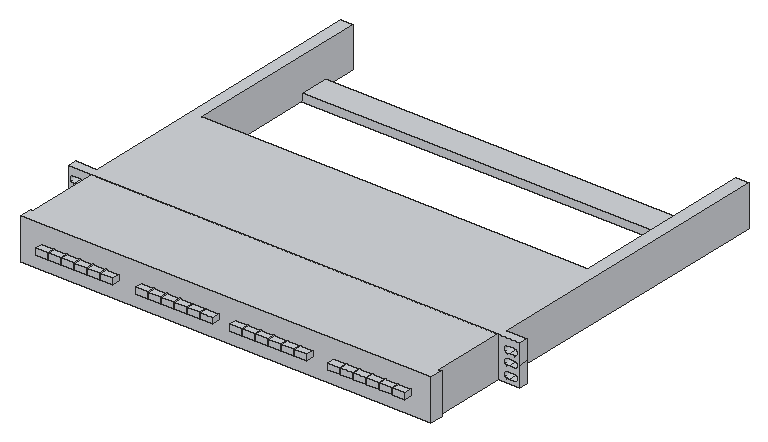
Revit family
Parameters
  Material ID = "760038521"
  Description = "iPatch® TeraSPEED® Pre-Terminated Intelligent Fiber Shelf, SC 12 port duplex"
Reference planes (in)
  plane 1 "Center (Front/Back)": y = 0
  plane 2: z = 0
  plane 3 "Center (Left/Right)": x = 0
Forms (in)
  Extrusion 1, solid
    sketch origin (0, 0, 0) x (1, 0, 0) y (0, 0, 1)
      loop
        line (-9.5, 0.86) -> (-9.5, 0) -> (-9.5, -0.86) -> (9.5, -0.86) -> (9.5, 0) -> (9.5, 0.86) -> (-9.5, 0.86)
    from 9.0351 to 14.305
  Extrusion 2, void
    sketch origin (0, 0, 0) x (1, 0, 0) y (0, 0, 1)
      loop
        line (8.121, 0.86) -> (8.121, -0.86) -> (11.47298, -0.86) -> (11.47298, 0.86) -> (8.121, 0.86)
      loop
        line (-11.48018, 0.86) -> (-11.48018, -0.86) -> (-8.121, -0.86) -> (-8.121, 0.86) -> (-11.48018, 0.86)
    from 0 to 13.93651
  Extrusion 3, void
    sketch origin (0, 0, 0) x (1, 0, 0) y (0, 0, 1)
      loop
        line (9.26111, 0.5628) -> (9.01111, 0.5628)
        arc (9.01111, 0.5628) -> (8.86111, 0.4128) -> (9.01111, 0.2628) r 0.15
        line (9.01111, 0.2628) -> (9.26111, 0.2628)
        arc (9.26111, 0.2628) -> (9.41111, 0.4128) -> (9.26111, 0.5628) r 0.15
      loop
        line (9.26111, 0.10167) -> (9.01111, 0.10167)
        arc (9.01111, 0.10167) -> (8.86111, -0.04833) -> (9.01111, -0.19833) r 0.15
        line (9.01111, -0.19833) -> (9.26111, -0.19833)
        arc (9.26111, -0.19833) -> (9.41111, -0.04833) -> (9.26111, 0.10167) r 0.15
      loop
        line (9.26111, -0.39833) -> (9.01111, -0.39833)
        arc (9.01111, -0.39833) -> (8.86111, -0.54833) -> (9.01111, -0.69833) r 0.15
        line (9.01111, -0.69833) -> (9.26111, -0.69833)
        arc (9.26111, -0.69833) -> (9.41111, -0.54833) -> (9.26111, -0.39833) r 0.15
      loop
        arc (-9.26111, 0.5628) -> (-9.41111, 0.4128) -> (-9.26111, 0.2628) r 0.15
        line (-9.26111, 0.2628) -> (-9.01111, 0.2628)
        arc (-9.01111, 0.2628) -> (-8.86111, 0.4128) -> (-9.01111, 0.5628) r 0.15
        line (-9.01111, 0.5628) -> (-9.26111, 0.5628)
      loop
        arc (-9.26111, 0.10167) -> (-9.41111, -0.04833) -> (-9.26111, -0.19833) r 0.15
        line (-9.26111, -0.19833) -> (-9.01111, -0.19833)
        arc (-9.01111, -0.19833) -> (-8.86111, -0.04833) -> (-9.01111, 0.10167) r 0.15
        line (-9.01111, 0.10167) -> (-9.26111, 0.10167)
      loop
        arc (-9.26111, -0.39833) -> (-9.41111, -0.54833) -> (-9.26111, -0.69833) r 0.15
        line (-9.26111, -0.69833) -> (-9.01111, -0.69833)
        arc (-9.01111, -0.69833) -> (-8.86111, -0.54833) -> (-9.01111, -0.39833) r 0.15
        line (-9.01111, -0.39833) -> (-9.26111, -0.39833)
    from 0 to 15.94904
  Extrusion 4, solid
    sketch origin (0, 0, 0) x (1, 0, 0) y (0, 1, 0)
      loop
        line (8.66312, -13.93651) -> (8.66312, -1.26387) -> (8.121, -1.26387) -> (8.121, -13.93651) -> (8.66312, -13.93651)
      loop
        line (-8.116, -13.93651) -> (-8.116, -1.09542) -> (-8.616, -1.09542) -> (-8.616, -13.93651) -> (-8.116, -13.93651)
    from -0.86 to 0.86
  Extrusion 5, solid
    sketch origin (0, 0, 0) x (1, 0, 0) y (0, 1, 0)
      loop
        line (8.16312, -2.5351) -> (-8.116, -2.5351) -> (-8.116, -3.7851) -> (8.16312, -3.7851) -> (8.16312, -2.5351)
    from -0.86 to -0.54894
  Extrusion 6, solid, not visible
    sketch origin (0, -14.305, 0) x (1, 0, 0) y (0, 0, 1)
      loop
        line (-8.5516, 0.86) -> (-8.5516, 0.46) -> (-7.9516, 0.46) -> (-7.9516, 0.86) -> (-8.5516, 0.86)
    from 0 to 0.77696
  Extrusion 7, solid
    sketch origin (0, -14.305, 0) x (1, 0, 0) y (0, 0, 1)
      loop
        line (-8.616, 0.86) -> (-8.616, -0.86) -> (8.66312, -0.86) -> (8.66312, 0.86) -> (-8.616, 0.86)
    from 0 to 3.63
  Extrusion 8, void
    sketch origin (-8.616, -14.305, 0.86) x (0, 1, 0) y (1, 0, 0)
      loop
        line (-3.08, 17.27912) -> (-3.08, 17.17912) -> (0, 17.17912) -> (0, 17.27912) -> (-3.08, 17.27912)
      loop
        line (0, 0.1) -> (-3.08, 0.1) -> (-3.08, 0) -> (0, 0) -> (0, 0.1)
    from 0 to 12
  Extrusion 9, solid
    sketch origin (0, -17.935, 0) x (1, 0, 0) y (0, 0, 1)
      loop
        line (-7.69782, 0.11361) -> (-7.69782, -0.13639) -> (-7.19782, -0.13639) -> (-7.19782, 0.11361) -> (-7.69782, 0.11361)
      loop
        line (-7.15947, 0.11361) -> (-7.15947, -0.13639) -> (-6.65947, -0.13639) -> (-6.65947, 0.11361) -> (-7.15947, 0.11361)
      loop
        line (-6.61947, 0.11361) -> (-6.61947, -0.13639) -> (-6.11947, -0.13639) -> (-6.11947, 0.11361) -> (-6.61947, 0.11361)
      loop
        line (-6.06719, 0.11361) -> (-6.06719, -0.13639) -> (-5.56719, -0.13639) -> (-5.56719, 0.11361) -> (-6.06719, 0.11361)
      loop
        line (-5.5305, 0.11361) -> (-5.5305, -0.13639) -> (-5.0305, -0.13639) -> (-5.0305, 0.11361) -> (-5.5305, 0.11361)
      loop
        line (-4.97822, 0.11361) -> (-4.97822, -0.13639) -> (-4.47822, -0.13639) -> (-4.47822, 0.11361) -> (-4.97822, 0.11361)
      loop
        line (-3.49818, 0.11361) -> (-3.49818, -0.13639) -> (-2.99818, -0.13639) -> (-2.99818, 0.11361) -> (-3.49818, 0.11361)
      loop
        line (-2.95983, 0.11361) -> (-2.95983, -0.13639) -> (-2.45983, -0.13639) -> (-2.45983, 0.11361) -> (-2.95983, 0.11361)
      loop
        line (-2.41983, 0.11361) -> (-2.41983, -0.13639) -> (-1.91983, -0.13639) -> (-1.91983, 0.11361) -> (-2.41983, 0.11361)
      loop
        line (-1.86755, 0.11361) -> (-1.86755, -0.13639) -> (-1.36755, -0.13639) -> (-1.36755, 0.11361) -> (-1.86755, 0.11361)
      loop
        line (-1.33086, 0.11361) -> (-1.33086, -0.13639) -> (-0.83086, -0.13639) -> (-0.83086, 0.11361) -> (-1.33086, 0.11361)
      loop
        line (-0.77858, 0.11361) -> (-0.77858, -0.13639) -> (-0.27858, -0.13639) -> (-0.27858, 0.11361) -> (-0.77858, 0.11361)
      loop
        line (0.45702, 0.11361) -> (0.45702, -0.13639) -> (0.95702, -0.13639) -> (0.95702, 0.11361) -> (0.45702, 0.11361)
      loop
        line (0.99537, 0.11361) -> (0.99537, -0.13639) -> (1.49537, -0.13639) -> (1.49537, 0.11361) -> (0.99537, 0.11361)
      loop
        line (1.53537, 0.11361) -> (1.53537, -0.13639) -> (2.03537, -0.13639) -> (2.03537, 0.11361) -> (1.53537, 0.11361)
      loop
        line (2.08765, 0.11361) -> (2.08765, -0.13639) -> (2.58765, -0.13639) -> (2.58765, 0.11361) -> (2.08765, 0.11361)
      loop
        line (2.62434, 0.11361) -> (2.62434, -0.13639) -> (3.12434, -0.13639) -> (3.12434, 0.11361) -> (2.62434, 0.11361)
      loop
        line (3.17662, 0.11361) -> (3.17662, -0.13639) -> (3.67662, -0.13639) -> (3.67662, 0.11361) -> (3.17662, 0.11361)
      loop
        line (4.59152, 0.11361) -> (4.59152, -0.13639) -> (5.09152, -0.13639) -> (5.09152, 0.11361) -> (4.59152, 0.11361)
      loop
        line (5.12987, 0.11361) -> (5.12987, -0.13639) -> (5.62987, -0.13639) -> (5.62987, 0.11361) -> (5.12987, 0.11361)
      loop
        line (5.66987, 0.11361) -> (5.66987, -0.13639) -> (6.16987, -0.13639) -> (6.16987, 0.11361) -> (5.66987, 0.11361)
      loop
        line (6.22215, 0.11361) -> (6.22215, -0.13639) -> (6.72215, -0.13639) -> (6.72215, 0.11361) -> (6.22215, 0.11361)
      loop
        line (6.75883, 0.11361) -> (6.75883, -0.13639) -> (7.25883, -0.13639) -> (7.25883, 0.11361) -> (6.75883, 0.11361)
      loop
        line (7.31112, 0.11361) -> (7.31112, -0.13639) -> (7.81112, -0.13639) -> (7.81112, 0.11361) -> (7.31112, 0.11361)
    from 0 to 0.32
Cuts and joins
  Extrusion 2, Extrusion 3, Extrusion 8 cuts Extrusion 1
  Extrusion 8 cuts Extrusion 4
  joined: Extrusion 1, Extrusion 4
  Extrusion 8 cuts Extrusion 7
